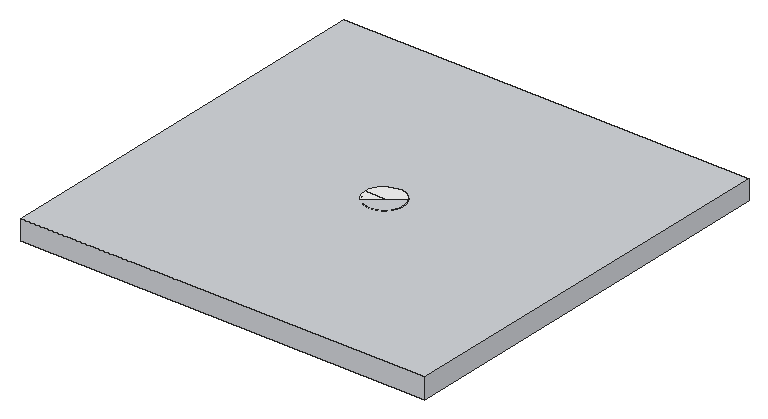
Revit family
Parameters (values of type "2"")
  WFU = 0
  URL = "WWW.MIFAB.COM"
  Top Assembly Diameter = 9.000"
  Pipe Radius = Pipe Diameter / 2  # 1.000"
  Pipe Diameter = 2.000"
  Model = "F1530"
  Manufacturer = "MIFAB"
  Floor Drain Material = Paint - Sherwin Williams Paint - #952C2A - Bellwood Red
  Description = "PARKING AREA DRAIN WITH 9\" ROUND HEAVY DUTY TRACTOR GRATE\r\nSERIES W/DEEP SUMP & HEAVY DUTY MEMBRANE COLLAR W/SEEPAGE OPENINGS"
  Default Elevation = 0.000"
  Body Height = 6.125"
Types (7): name | Pipe Radius | Pipe Diameter | Body Height
  (no name) | 1.000" | 2.000" | 6.125"
  6" | 3.000" | 6.000" | 8.000"
  4" | 2.000" | 4.000" | 6.125"
  8" | 4.000" | 8.000" | 8.000"
  2" | 1.000" | 2.000" | 6.125"
  3" | 1.500" | 3.000" | 6.125"
  5" | 2.500" | 5.000" | 6.125"
Reference planes (in)
  plane 1 "Center (Front/Back)": y = 0
  plane 2: z = 0
  plane 3 "Center (Left/Right)": x = 0
  plane 4: x = -8
  plane 5: x = 8
  plane 6: x = -4.5
  plane 7: x = 4.5
  plane 8: z = -2
  plane 9: z = -8.125
  plane 10: x = 6.2
  plane 11: x = -6.2
  plane 12: z = -6.625
  plane 13: x = -1
  plane 14: x = 1
  plane 15: z = -1.75
  plane 16: z = -0.5
  plane 17: z = -2.25
Forms (in)
  Extrusion 1, solid
    sketch origin (0, 0, 0) x (1, 0, 0) y (0, 1, 0)
      loop
        line (-48, 48) -> (-48, -48) -> (48, -48) -> (48, 48) -> (-48, 48)
    from 0 to -4.812
  Revolve 2, solid, material "Paint - Sherwin Williams Paint - #952C2A - Bellwood Red" <- "Floor Drain Material"
    sketch origin (0, 0, 0) x (1, 0, 0) y (0, 0, 1)
      loop
        line (0, 0) -> (0, -0.25) -> (4.2475, -0.25) -> (4.2475, -2.25) -> (4.15366, -6.3725) -> (1, -6.3725) -> (1, -8.125) -> (1.25, -8.125) -> (1.25, -6.625) -> (4.39974, -6.625) -> (4.49753, -2.25) -> (6.2, -2.25) -> (6.2, -2) -> (8, -2) -> (8, -1.75) -> (4.5, -1.75) -> (4.5, 0) -> (0, 0)
      axis (0, -8.125) -> (0, 0)
    angle from 0 to 360
Lines and regions (in)
  symbolic lines, style "PlumbingFixtures"
    curve 1: circle (0, 0, 0) r 4.5 normal (0, 0, 1)
  symbolic lines
    curve 2: circle (0, 0, 0) r 8 normal (0, 0, 1)
Dimensions and locks (in)
  equal spacing: plane 7, plane 3 "Center (Left/Right)", plane 6
  equal spacing: plane 5, plane 3 "Center (Left/Right)", plane 4
  plane 5 to plane 4 = 16.000"
  "Top Assembly Diameter": plane 6 to plane 7
  level to plane 8 = 2.000"
  "Body Height": plane 8 to plane 9
  equal spacing: plane 10, plane 3 "Center (Left/Right)", plane 11
  plane 10 to plane 11 = 12.400"
  locked: plane 12 to plane 9 at 1.5
  equal spacing: plane 14, plane 3 "Center (Left/Right)", plane 13
  "Pipe Diameter": plane 14 to plane 13
  locked: level to plane 16 at 0.5
  plane 15 to plane 8 to plane 17 = 0.250" locked, 0.250" locked
  locked: Revolve 2 sketch curve to plane 12 at 0.2525
  locked: Revolve 2 sketch curve to Revolve 2 sketch curve at 0.25
  Extrusion 1 to Revolve 2 sketch curve = 0.250"
  aligned and locked: plane 2 to Extrusion 1
  aligned and locked: level to Extrusion 1
  aligned and locked: Revolve 2 sketch curve to plane 14
  aligned and locked: Revolve 2 sketch curve to plane 12
  aligned and locked: plane 8 to Revolve 2 sketch curve
  aligned and locked: Revolve 2 sketch curve to plane 15
  aligned and locked: plane 5 to Revolve 2 sketch curve
  aligned and locked: plane 7 to Revolve 2 sketch curve
  aligned and locked: Revolve 2 sketch curve to level
  aligned and locked: plane 10 to Revolve 2 sketch curve
  aligned and locked: Revolve 2 sketch curve to plane 17
  aligned and locked: Revolve 2 sketch curve to plane 9
Automatic sketch dimensions
  Extrusion 1 sketch curve to Extrusion 1 sketch curve = 96.000"  (x2)
  Revolve 2 sketch curve to plane 3 "Center (Left/Right)" = 0.000"  (x2)
  Revolve 2 sketch curve to plane 17 = 0.000"
  plane 7 to Revolve 2 sketch curve = 0.34634"
  Revolve 2 sketch curve to Revolve 2 sketch curve = 4.2475"
  plane 7 to Revolve 2 sketch curve = 0.10026"
  plane 7 to Revolve 2 sketch curve = 0.00247"
  Revolve 2 sketch curve to Revolve 2 sketch curve = 2.750"
  Revolve 2 sketch curve to Revolve 2 sketch curve = 1.500"
  curve 1 to curve 2 = 0.000"  (x2)
  plane 1 "Center (Front/Back)" to curve 2 = 0.000"
  curve 2 to plane 3 "Center (Left/Right)" = 0.000"
  radius of curve 1 = 4.500"
  radius of curve 2 = 8.000"
Connectors (in)
  piping at (0, 0, -8.125), driven by "Pipe Radius", driven by "WFU"
    settings: on Revolve 2, index 1, connector radius 1", flow factor 0, pipe flow 0 GPM, pressure drop 0.00 psi, fitting loss kfactor 0, connector angle 0.00°, fixture units 0, flow configuration 3, flow direction 2, fitting loss method 0, system type 16, connector reference index -1, connector utility 0, adjustable connector no, is connector primary yes, fitting loss table "", connector description "Sanitary Out"
